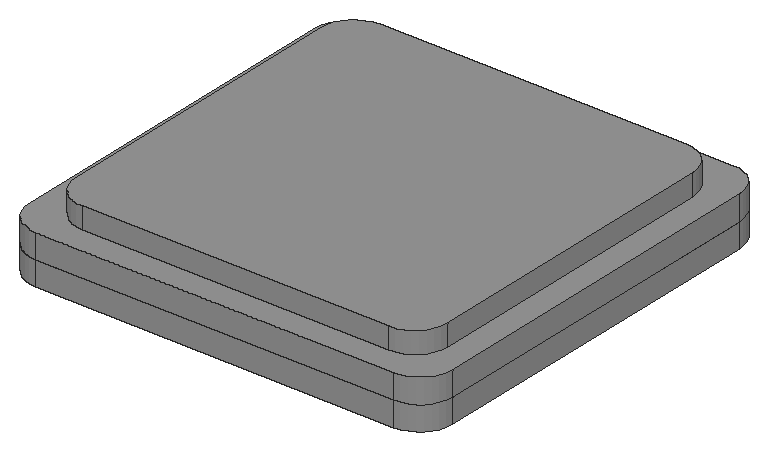
Revit family "FMS2_63_UN_Surface-mounted_ETK", category Lighting Fixtures, Revit 2019 (continued)
Definition of nested family "FMS.2 - Lightsource"
  Types (14, lengths in mm): name | Wattage Comments | Wattage | built-in parameter 1150134 | Photometric Web File | built-in parameter 1150142 | built-in parameter 1150105 | Lumens | built-in parameter 1150107 | built-in parameter 1150106 | Apparent Load
      \t7.1513\t1.4513\t0\t0\t0\t0\t0\r\n0\r\n473.6291\t473.3725\t472.9875\t472.6026\t472.2176\t471.7043\t471.0627\t470.4211\t469.9078\t469.2662\r\n468.6246\t467.983\t467.2131\t466.4432\t465.6733\t464.6467\t463.7485\t462.8502\t461.952\t460.9254\r\n459.8989\t458.744\t457.7174\t456.5626\t455.2794\t453.9962\t452.713\t451.4298\t450.0182\t448.6067\r\n447.1952\t445.7837\t444.3722\t442.8323\t441.1642\t439.6243\t437.9562\t436.288\t434.6198\t432.8234\r\n430.6419\t428.3322\t426.1507\t423.7126\t421.4029\t418.9648\t416.5267\t414.217\t411.7789\t409.3408\r\n406.7744\t404.3363\t401.8982\t399.3318\t396.8938\t394.199\t391.6326\t389.0662\t386.4998\t383.8051\r\n381.1104\t378.4157\t375.8493\t373.1546\t370.3315\t367.6368\t364.9421\t362.2474\t359.5526\t356.7296\r\n353.9066\t351.2118\t348.3888\t345.1808\t341.9728\t338.6365\t335.4285\t332.0922\t328.8842\t325.5478\r\n322.2115\t319.0035\t315.6672\t312.4592\t309.1229\t305.9149\t302.5786\t299.2422\t295.9059\t292.6979\r\n289.3616\t286.1536\t282.9456\t279.6093\t276.4013\t273.065\t269.857\t266.649\t263.441\t259.9763\r\n256.3834\t252.9187\t249.4541\t245.9894\t242.5248\t238.9318\t235.4672\t231.8742\t228.5379\t225.0733\r\n221.737\t218.2723\t214.936\t211.5997\t208.135\t204.7987\t201.4624\t198.1261\t194.9181\t191.4534\r\n187.7322\t184.1392\t180.5462\t176.825\t173.232\t169.639\t166.0461\t162.5814\t158.9885\t155.5238\r\n152.0592\t148.5946\t145.1299\t141.6653\t138.329\t134.8643\t131.3997\t127.9992\t124.5859\t121.1854\r\n117.8106\t114.4743\t111.1508\t107.8658\t104.5936\t101.3343\t98.1006\t94.867\t91.6333\t88.4381\r\n85.2686\t82.1248\t79.0066\t75.9269\t72.8601\t69.8317\t66.8291\t63.852\t60.9007\t57.9621\r\n55.2546\t52.6882\t50.1346\t47.5939\t45.0788\t42.5637\t40.0743\t37.5849\t35.1084\t32.6446\r\n29.9114\t23.9317\t17.9391\t11.9504\t5.9489\t0\t0\t0\t0\t0\r\n0\r\n473.6291\t473.3725\t473.1158\t472.7309\t472.3459\t471.8326\t471.3194\t470.6778\t470.1645\t469.5229\r\n469.0096\t468.368\t467.5981\t466.8282\t465.9299\t465.0317\t464.1334\t463.2352\t462.337\t461.3104\r\n460.1555\t459.129\t457.9741\t456.6909\t455.536\t454.1245\t452.8413\t451.4298\t450.0182\t448.6067\r\n447.0669\t445.6554\t443.9872\t442.4474\t440.7792\t439.111\t437.4429\t435.6464\t433.9782\t432.1818\r\n430.3853\t428.4605\t426.5357\t424.4826\t422.5578\t420.5046\t418.1949\t415.7568\t413.1904\t410.7523\r\n408.1859\t405.7478\t403.1814\t400.4867\t397.9203\t395.2256\t392.5309\t389.8362\t387.1414\t384.4467\r\n381.6237\t378.929\t376.1059\t373.2829\t370.4598\t367.6368\t364.8138\t361.9907\t359.0394\t356.2163\r\n353.265\t350.4419\t347.4906\t344.6675\t341.7162\t338.7648\t335.8134\t332.8621\t330.039\t327.0877\r\n324.1363\t321.185\t317.977\t314.5123\t311.0477\t307.7114\t304.2467\t300.9104\t297.5741\t294.1094\r\n290.6448\t287.3085\t283.9722\t280.6358\t277.1712\t273.7066\t270.3702\t267.0339\t263.6976\t260.233\r\n256.8966\t253.5603\t250.224\t246.8877\t243.423\t240.0867\t236.8787\t233.5424\t230.2061\t226.6131\r\n223.0202\t219.4272\t215.9626\t212.3696\t208.7766\t205.312\t201.719\t198.2544\t194.9181\t191.4534\r\n188.1171\t184.6525\t181.1878\t177.8515\t174.3869\t171.0506\t167.8426\t164.3779\t160.6566\t157.0637\r\n153.4707\t150.0061\t146.4131\t142.8202\t139.3555\t135.8909\t132.4262\t128.9616\t125.5868\t122.1991\r\n118.7858\t115.3982\t111.9592\t108.5972\t105.2609\t101.9502\t98.6652\t95.4059\t92.1851\t88.9899\r\n85.8204\t82.6894\t79.5841\t76.53\t73.5402\t70.576\t67.6375\t64.7246\t61.8502\t59.0015\r\n56.1785\t53.3683\t50.5966\t47.9788\t45.5151\t43.077\t40.6389\t38.2137\t35.8141\t33.4274\r\n31.0663\t28.718\t24.2525\t17.8236\t11.3858\t4.9378\t0\t0\t0\t0\r\n0\r\n473.6291\t473.3725\t473.1158\t472.8592\t472.6026\t472.0893\t471.576\t470.9344\t470.4211\t469.9078\r\n469.3946\t468.753\t467.983\t467.2131\t466.3149\t465.4166\t464.6467\t463.7485\t462.7219\t461.6954\r\n460.6688\t459.5139\t458.359\t457.0758\t455.7926\t454.3811\t453.0979\t451.6864\t450.2749\t448.735\r\n447.3235\t445.6554\t444.1155\t442.4474\t440.7792\t438.9827\t437.3146\t435.5181\t433.7216\t431.7968\r\n429.872\t427.9472\t425.8941\t423.841\t421.7878\t419.7347\t417.6816\t415.5002\t413.3187\t411.1373\r\n408.8275\t406.6461\t404.208\t401.8982\t399.4602\t396.8938\t394.199\t391.5043\t388.8096\t385.9866\r\n383.1635\t380.2122\t377.3891\t374.4378\t371.6147\t368.6634\t365.712\t362.7606\t359.8093\t356.8579\r\n353.9066\t350.8269\t347.8755\t344.7958\t341.7162\t338.7648\t335.6851\t332.6054\t329.5258\t326.4461\r\n323.3664\t320.2867\t317.207\t314.1274\t311.0477\t307.8397\t304.76\t301.552\t298.4723\t295.3926\r\n292.1846\t288.9766\t285.897\t282.8173\t279.481\t276.0163\t272.4234\t268.9587\t265.4941\t262.0294\r\n258.4365\t254.9718\t251.5072\t247.9142\t244.4496\t240.985\t237.5203\t234.0557\t230.591\t227.1264\r\n223.5334\t220.0688\t216.6042\t213.2678\t209.9315\t206.4669\t203.0022\t199.5376\t196.2013\t192.7366\r\n189.1437\t185.679\t182.0861\t178.4931\t175.0285\t171.4355\t167.9709\t164.5062\t161.0416\t157.7053\r\n154.2406\t150.9043\t147.4397\t144.2317\t140.8954\t137.6874\t134.351\t130.7581\t127.1266\t123.5465\r\n120.0049\t116.5916\t113.2039\t109.8419\t106.4671\t103.1051\t99.7816\t96.5223\t93.3015\t90.055\r\n86.847\t83.6775\t80.5465\t77.4411\t74.3871\t71.3588\t68.3817\t65.4432\t62.556\t59.7201\r\n56.9099\t54.1382\t51.3922\t48.6718\t45.9899\t43.3337\t40.7673\t38.4447\t36.1606\t33.9021\r\n31.6437\t29.3981\t27.1782\t24.9582\t18.3369\t11.2229\t4.0883\t0\t0\t0\r\n0\r\n473.6291\t473.5008\t473.2442\t472.9875\t472.7309\t472.3459\t471.8326\t471.3194\t470.8061\t470.2928\r\n469.7795\t469.1379\t468.4963\t467.5981\t466.8282\t465.9299\t465.16\t464.2618\t463.3635\t462.337\r\n461.1821\t460.1555\t458.8723\t457.7174\t456.3059\t455.0227\t453.6112\t452.1997\t450.7882\t449.2483\r\n447.7085\t446.1686\t444.5005\t442.8323\t441.1642\t439.3677\t437.5712\t435.7747\t433.8499\t431.9251\r\n430.0003\t427.9472\t425.8941\t423.841\t421.7878\t419.6064\t417.425\t415.2435\t412.9338\t410.624\r\n408.3142\t406.0045\t403.5664\t401.1283\t398.6902\t396.2522\t393.8141\t391.2477\t388.6813\t386.1149\r\n383.4202\t380.8538\t378.159\t375.4643\t372.6413\t369.9466\t367.2518\t364.5571\t361.7341\t358.7827\r\n355.703\t352.6234\t349.4154\t346.3357\t343.256\t340.1763\t336.9683\t333.7603\t330.5523\t327.4726\r\n324.2646\t321.0566\t317.8486\t314.6406\t311.3043\t308.0963\t304.8883\t301.552\t298.344\t295.136\r\n291.928\t288.5917\t285.2554\t282.0474\t278.8394\t275.6314\t272.295\t268.9587\t265.6224\t262.4144\r\n259.0781\t255.7418\t252.5338\t249.3258\t245.9894\t242.7814\t239.3168\t235.9805\t232.7725\t229.5645\r\n226.0998\t222.5069\t218.7856\t215.1926\t211.4714\t208.0067\t204.4138\t200.8208\t197.3562\t193.7632\r\n190.1702\t186.5773\t182.9843\t179.5197\t176.055\t172.5904\t169.1258\t165.5328\t162.1965\t158.7318\r\n155.2672\t151.9309\t148.5946\t145.0016\t141.4086\t137.944\t134.4794\t131.0147\t127.6656\t124.2908\r\n120.9416\t117.6053\t114.3075\t111.1123\t107.9684\t104.8631\t101.6423\t98.2033\t94.7772\t91.3895\r\n88.066\t84.8067\t81.6115\t78.4933\t75.388\t72.334\t69.2928\t66.2901\t63.3516\t60.4644\r\n57.6413\t54.8696\t52.1364\t49.4417\t46.7855\t44.1806\t41.5885\t39.0349\t36.4942\t33.9663\r\n31.5154\t29.1415\t26.7932\t24.4706\t22.1865\t18.6834\t10.9136\t3.1503\t0\t0\r\n0\r\n473.6291\t473.5008\t473.3725\t473.2442\t472.9875\t472.6026\t472.0893\t471.7043\t471.191\t470.8061\r\n470.2928\t469.6512\t469.0096\t468.2397\t467.3414\t466.5715\t465.9299\t465.0317\t464.0051\t462.9786\r\n461.952\t460.7971\t459.7706\t458.4874\t457.0758\t455.7926\t454.3811\t453.0979\t451.5581\t450.1466\r\n448.6067\t446.9386\t445.2704\t443.6022\t441.9341\t440.2659\t438.4694\t436.5446\t434.6198\t432.695\r\n430.6419\t428.5888\t426.5357\t424.4826\t422.4294\t420.248\t417.9382\t415.7568\t413.3187\t411.009\r\n408.6992\t406.3894\t403.823\t401.385\t398.9469\t396.3805\t393.8141\t391.2477\t388.6813\t385.9866\r\n383.2918\t380.5971\t377.7741\t375.0794\t372.2563\t369.5616\t366.7386\t363.9155\t361.0925\t358.1411\r\n355.1898\t352.2384\t349.287\t346.3357\t343.3843\t340.3046\t337.3533\t334.2736\t331.3222\t328.2426\r\n325.1629\t322.0832\t318.8752\t315.7955\t312.5875\t309.3795\t306.2998\t303.2202\t300.1405\t296.8042\r\n293.5962\t290.3882\t287.1802\t283.7155\t280.2509\t276.9146\t273.4499\t270.1136\t266.7773\t263.3126\r\n259.848\t256.3834\t252.9187\t249.4541\t245.9894\t242.6531\t239.1885\t235.8522\t232.3875\t228.9229\r\n225.4582\t221.9936\t218.6573\t215.1926\t211.8563\t208.3917\t204.927\t201.5907\t198.1261\t194.7898\r\n191.3251\t187.8605\t184.3958\t181.0595\t177.5949\t174.2586\t170.9222\t167.5859\t164.3779\t161.0416\r\n157.3203\t153.7274\t150.0061\t146.4131\t142.8202\t139.3555\t135.8909\t132.4262\t128.9616\t125.4841\r\n121.9553\t118.5035\t115.1415\t111.8052\t108.5459\t105.3122\t102.0016\t98.6139\t95.2263\t91.9028\r\n88.6306\t85.4868\t82.3814\t79.3146\t76.2862\t73.2836\t70.3579\t67.4065\t64.3396\t61.337\r\n58.3856\t55.5369\t52.7908\t50.109\t47.1961\t44.1549\t41.1522\t38.1752\t35.211\t32.2981\r\n29.4494\t26.6777\t23.9958\t21.4808\t19.402\t17.3874\t15.4241\t10.3195\t2.125\t0\r\n0\r\n473.6291\t473.6291\t473.5008\t473.3725\t473.2442\t472.8592\t472.3459\t471.961\t471.576\t471.191\r\n470.8061\t470.1645\t469.5229\t468.753\t467.983\t467.3414\t466.6998\t465.8016\t464.9034\t463.8768\r\n462.8502\t461.8237\t460.6688\t459.3856\t458.1024\t456.8192\t455.536\t454.1245\t452.713\t451.3014\r\n449.7616\t448.2218\t446.5536\t444.8854\t443.2173\t441.4208\t439.7526\t437.8278\t435.903\t433.9782\r\n431.9251\t430.0003\t427.9472\t425.8941\t423.7126\t421.5312\t419.3498\t416.9117\t414.6019\t412.2922\r\n409.9824\t407.5443\t405.1062\t402.6682\t400.1018\t397.5354\t394.969\t392.4026\t389.8362\t387.1414\r\n384.4467\t381.6237\t378.929\t376.1059\t373.4112\t370.5882\t367.7651\t364.9421\t361.9907\t359.0394\r\n356.088\t353.1366\t350.1853\t347.1056\t344.0259\t340.9462\t337.9949\t334.9152\t331.8355\t328.7558\r\n325.5478\t322.4682\t319.2602\t316.0522\t312.8442\t309.6362\t306.5565\t303.3485\t300.0122\t296.8042\r\n293.5962\t290.3882\t287.0518\t283.7155\t280.3792\t277.0429\t273.8349\t270.4986\t267.1622\t263.8259\r\n260.3613\t257.025\t253.6886\t250.224\t246.8877\t243.423\t240.0867\t236.6221\t233.1574\t229.8211\r\n226.3565\t223.0202\t219.5555\t216.2192\t212.7546\t209.2899\t205.8253\t202.3606\t198.896\t195.4314\r\n191.9667\t188.5021\t185.1658\t181.7011\t178.2365\t174.7718\t171.3072\t167.9709\t164.5062\t160.9133\r\n157.4486\t153.984\t150.5194\t147.0547\t143.5901\t140.1254\t136.6608\t133.1962\t129.7315\t126.3824\r\n122.9947\t119.6071\t116.2066\t112.8189\t109.5083\t106.249\t102.9896\t99.7688\t96.5351\t93.2758\r\n90.0421\t86.8213\t83.6775\t80.6876\t77.5053\t74.2588\t71.0764\t68.0738\t65.0839\t62.094\r\n59.1427\t56.3325\t53.5993\t50.8917\t48.0173\t45.0916\t42.0633\t38.9708\t35.75\t32.2212\r\n28.7308\t25.3817\t22.3148\t19.6458\t17.182\t14.9236\t12.8051\t11.1061\t9.6702\t1.3345\r\n0\r\n473.6291\t473.6291\t473.6291\t473.5008\t473.3725\t473.1158\t472.7309\t472.3459\t472.0893\t471.7043\r\n471.4477\t470.8061\t470.2928\t469.5229\t468.753\t468.1114\t467.5981\t466.6998\t465.8016\t464.9034\r\n463.8768\t462.8502\t461.8237\t460.6688\t459.3856\t458.1024\t456.9475\t455.536\t454.1245\t452.713\r\n451.3014\t449.7616\t448.0934\t446.5536\t444.8854\t443.2173\t441.5491\t439.6243\t437.6995\t435.7747\r\n433.8499\t431.9251\t430.0003\t427.9472\t425.8941\t423.5843\t421.4029\t419.0931\t416.7834\t414.4736\r\n412.2922\t409.8541\t407.416\t404.9779\t402.5398\t399.9734\t397.407\t394.8406\t392.2742\t389.5795\r\n386.8848\t384.1901\t381.4954\t378.6723\t375.9776\t373.1546\t370.3315\t367.5085\t364.5571\t361.6058\r\n358.7827\t355.8314\t352.88\t349.672\t346.5923\t343.641\t340.6896\t337.6099\t334.6586\t331.4506\r\n328.2426\t325.1629\t322.0832\t318.8752\t315.5389\t312.3309\t309.2512\t305.9149\t302.7069\t299.4989\r\n296.2909\t292.9546\t289.7466\t286.4102\t282.9456\t279.7376\t276.4013\t273.065\t269.7286\t266.3923\r\n263.056\t259.7197\t256.255\t252.7904\t249.4541\t245.9894\t242.6531\t239.1885\t235.7238\t232.2592\r\n228.9229\t225.4582\t222.1219\t218.529\t215.0643\t211.5997\t208.135\t204.6704\t201.2058\t197.6128\r\n194.1482\t190.6835\t187.3472\t183.7542\t180.2896\t176.6966\t173.232\t169.8957\t166.431\t162.8381\r\n159.2451\t155.7805\t152.3158\t148.9795\t145.6432\t142.1786\t138.7139\t135.121\t131.528\t128.1917\r\n124.8297\t121.4036\t117.9774\t114.5641\t111.138\t107.8658\t104.5808\t101.2188\t97.8568\t94.5333\r\n91.2227\t87.912\t84.5885\t81.4319\t78.2624\t75.1827\t72.103\t69.1388\t66.1618\t63.2746\r\n60.3874\t57.5515\t54.7156\t52.0081\t49.2877\t46.6956\t44.1036\t41.55\t38.9964\t36.43\r\n33.8636\t31.5667\t29.2826\t27.1525\t25.0096\t23.0334\t21.0573\t19.3892\t17.7082\t13.8971\r\n7.0255\r\n473.6291\t473.6291\t473.5008\t473.3725\t473.2442\t472.8592\t472.4742\t472.2176\t471.8326\t471.4477\r\n471.0627\t470.4211\t469.9078\t469.1379\t468.368\t467.7264\t467.0848\t466.1866\t465.2883\t464.2618\r\n463.3635\t462.2086\t461.1821\t459.8989\t458.6157\t457.3325\t456.0493\t454.7661\t453.3546\t451.943\r\n450.4032\t448.8634\t447.1952\t445.6554\t443.9872\t442.1907\t440.5226\t438.5978\t436.673\t434.7482\r\n432.8234\t430.7702\t428.8454\t426.7923\t424.6109\t422.4294\t420.248\t417.9382\t415.6285\t413.3187\r\n411.009\t408.5709\t406.1328\t403.6947\t401.2566\t398.6902\t396.1238\t393.5574\t390.8627\t388.2963\r\n385.6016\t382.9069\t380.0838\t377.3891\t374.6944\t371.8714\t369.0483\t366.097\t363.2739\t360.3226\r\n357.3712\t354.4198\t351.4685\t348.5171\t345.4374\t342.3578\t339.4064\t336.3267\t333.247\t330.1674\r\n326.9594\t323.8797\t320.6717\t317.592\t314.384\t311.176\t307.968\t304.76\t301.552\t298.2157\r\n295.0077\t291.7997\t288.5917\t285.2554\t281.919\t278.5827\t275.3747\t272.0384\t268.7021\t265.3658\r\n262.0294\t258.6931\t255.2285\t251.8922\t248.4275\t245.0912\t241.7549\t238.4186\t234.9539\t231.4893\r\n228.153\t224.6883\t221.352\t217.8874\t214.4227\t210.9581\t207.4934\t204.1571\t200.5642\t197.0995\r\n193.7632\t190.2986\t186.9622\t183.4976\t180.033\t176.5683\t173.1037\t169.7674\t166.1744\t162.7098\r\n159.2451\t155.6522\t152.1875\t148.7229\t145.2582\t141.7936\t138.2006\t134.6077\t131.143\t127.7811\r\n124.3806\t120.9929\t117.6823\t114.3973\t111.0481\t107.6861\t104.4268\t101.2188\t97.9852\t94.7387\r\n91.4922\t88.2713\t85.1147\t82.0606\t78.8398\t75.6318\t72.4366\t69.3698\t66.3286\t63.4029\r\n60.567\t57.7825\t55.0108\t52.2519\t49.4802\t46.7855\t44.2319\t41.7682\t39.4199\t36.8407\r\n34.2614\t31.7977\t29.4623\t27.2552\t25.1892\t23.0591\t20.9803\t19.171\t17.5285\t2.4573\r\n0\r\n473.6291\t473.6291\t473.5008\t473.3725\t473.1158\t472.7309\t472.3459\t471.961\t471.576\t471.191\r\n470.8061\t470.1645\t469.5229\t468.753\t467.983\t467.3414\t466.5715\t465.6733\t464.775\t463.8768\r\n462.8502\t461.8237\t460.6688\t459.5139\t458.2307\t456.9475\t455.536\t454.2528\t452.8413\t451.4298\r\n449.8899\t448.3501\t446.6819\t445.1421\t443.4739\t441.8058\t440.0093\t438.2128\t436.288\t434.3632\r\n432.3101\t430.3853\t428.3322\t426.279\t424.2259\t422.0445\t419.863\t417.6816\t415.3718\t413.0621\r\n410.7523\t408.3142\t406.0045\t403.5664\t401\t398.5619\t395.9955\t393.4291\t390.8627\t388.168\r\n385.6016\t382.9069\t380.2122\t377.5174\t374.8227\t372.128\t369.305\t366.4819\t363.6589\t360.7075\r\n357.7562\t354.8048\t351.9818\t349.0304\t346.079\t343.1277\t340.048\t337.0966\t334.017\t330.9373\r\n327.8576\t324.7779\t321.6982\t318.6186\t315.5389\t312.4592\t309.2512\t306.1715\t303.0918\t299.7555\r\n296.5475\t293.4678\t290.1315\t286.6669\t283.3306\t279.9942\t276.6579\t273.1933\t269.857\t266.5206\r\n263.056\t259.7197\t256.255\t252.7904\t249.3258\t245.8611\t242.5248\t239.0602\t235.7238\t232.2592\r\n228.7946\t225.4582\t221.9936\t218.529\t215.1926\t211.728\t208.2634\t204.927\t201.4624\t198.1261\r\n194.6614\t191.1968\t187.8605\t184.5242\t181.0595\t177.7232\t174.3869\t170.9222\t167.5859\t164.2496\r\n160.6566\t157.0637\t153.3424\t149.7494\t146.1565\t142.6918\t139.2272\t135.6342\t132.1696\t128.705\r\n125.2147\t121.8013\t118.4137\t115.0517\t111.6897\t108.3534\t105.0684\t101.7321\t98.3829\t95.0723\r\n91.7873\t88.5408\t85.3585\t82.2146\t79.1221\t76.0938\t73.2194\t70.268\t67.1884\t64.1728\r\n61.2343\t58.3471\t55.5112\t52.7267\t50.0063\t47.3372\t44.7452\t42.2301\t39.792\t37.3283\r\n34.8004\t32.3366\t29.9499\t27.653\t25.5742\t23.5467\t21.5449\t14.6926\t3.0335\t0\r\n0\r\n473.6291\t473.5008\t473.3725\t473.2442\t472.9875\t472.6026\t472.2176\t471.8326\t471.3194\t470.9344\r\n470.5494\t469.9078\t469.2662\t468.4963\t467.7264\t466.9565\t466.3149\t465.4166\t464.5184\t463.4918\r\n462.4653\t461.4387\t460.4122\t459.2573\t457.9741\t456.6909\t455.2794\t453.9962\t452.5846\t451.1731\r\n449.7616\t448.2218\t446.6819\t445.0138\t443.3456\t441.6774\t440.0093\t438.2128\t436.4163\t434.4915\r\n432.5667\t430.5136\t428.5888\t426.5357\t424.4826\t422.4294\t420.248\t418.0666\t415.8851\t413.5754\r\n411.3939\t408.9558\t406.6461\t404.3363\t402.0266\t399.4602\t397.0221\t394.584\t392.0176\t389.4512\r\n386.8848\t384.1901\t381.6237\t379.0573\t376.3626\t373.7962\t371.1014\t368.2784\t365.4554\t362.6323\r\n359.681\t356.6013\t353.3933\t350.3136\t347.2339\t344.2826\t341.0746\t337.9949\t334.7869\t331.7072\r\n328.4992\t325.2912\t322.0832\t318.8752\t315.6672\t312.4592\t309.3795\t306.1715\t302.9635\t299.7555\r\n296.5475\t293.2112\t290.0032\t286.7952\t283.5872\t280.2509\t276.9146\t273.7066\t270.4986\t267.2906\r\n263.9542\t260.7462\t257.4099\t254.2019\t250.8656\t247.5293\t244.3213\t240.985\t237.777\t234.569\r\n230.976\t227.383\t223.6618\t220.1971\t216.6042\t213.0112\t209.4182\t205.8253\t202.3606\t198.7677\r\n195.303\t191.7101\t188.2454\t184.6525\t181.0595\t177.5949\t174.1302\t170.6656\t167.201\t163.8646\r\n160.5283\t157.0637\t153.599\t150.0061\t146.5414\t142.9485\t139.4838\t136.0192\t132.6829\t129.2182\r\n125.8306\t122.5456\t119.2863\t116.0398\t112.8189\t109.6366\t106.3388\t102.8228\t99.3582\t95.9577\r\n92.5957\t89.3364\t86.1156\t82.9332\t79.7894\t76.7097\t73.6557\t70.6145\t67.6246\t64.6733\r\n61.7861\t58.963\t56.1913\t53.4838\t50.7377\t48.0173\t45.3611\t42.7434\t40.1642\t37.6363\r\n35.2623\t32.9526\t30.6813\t28.4357\t26.2029\t22.4047\t13.1143\t3.7893\t0\t0\r\n0\r\n473.6291\t473.5008\t473.3725\t473.1158\t472.9875\t472.4742\t472.0893\t471.576\t471.191\t470.6778\r\n470.2928\t469.7795\t469.0096\t468.368\t467.4698\t466.6998\t466.0582\t465.2883\t464.2618\t463.3635\r\n462.337\t461.3104\t460.2838\t459.2
